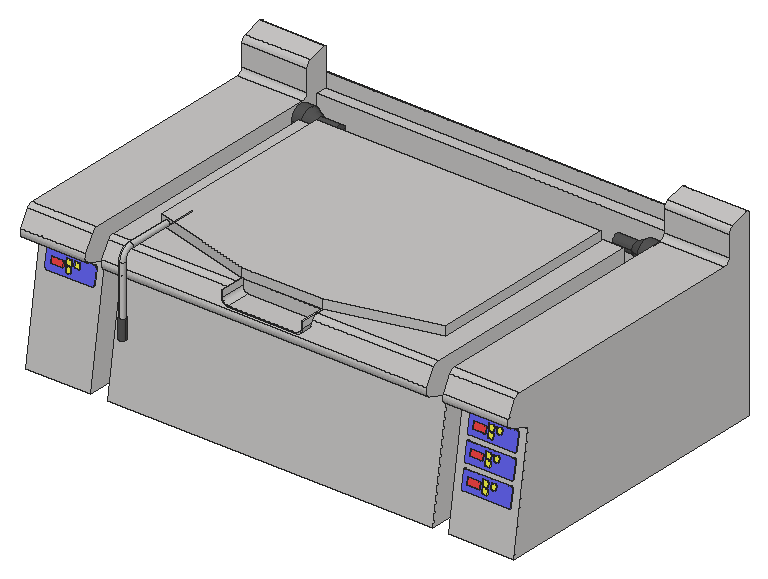
Revit family "QF_CAPIC_PILOTE_W296601", category Equipement spécialisé, Revit 2018
Family settings
  Cote de connecteur circulaire = Utiliser le diamètre
  Type d'élément = Normal
  Numéro OmniClass = 23.40.40.14
  Titre OmniClass = Food Service Equipment
  Basée sur le plan de construction = Non
  Toujours verticalement = Oui
  Couper avec des vides une fois chargée = Non
  Partagée = Non
  Point de calcul de pièce = Non
Parameters (values of type "1500 x 925 x 450 mm")
  URL catalogue = "http://www.capic-fr.com/fr/"
  Type de Raccord Plomberie [instance] = "Raccord 15/21"
  Type de Raccord Electrique [instance] = "Bornier interne"
  Type de Gaz = ""
  Type article [instance] = ""
  Tension = 400 V
  Spécification du Fabricant = ""
  Show Logo [instance] = yes
  Remarques evacuation [instance] = "Ecoulement dans caniveau"
  Remarques Plomberie [instance] = "Eau chaude + froide"
  Remarques Electricité [instance] = "400V TRI + N + T"
  Puissance électrique  = 15000 W
  Puissance Gaz kW = 0
  Profondeur hors tout = 925 mm
  Pression Maximum Eau Adoucie = 0.0 Pa
  Pos Bec = Longueur hors tout / 2  # 750 mm
  Poids net à vide = 280.00 kg
  Pieds (Option X296001) [instance] = no
  Phase = 3
  Modèle = "W296601"
  Longueur hors tout = 1500 mm
  Intensité nominale = 0 A
  Hauteur hors tout = 570 mm
  Hauteur de Raccordement du Sol Finis = 550 mm
  Hauteur de Raccordement Gaz du Sol Finis = 0 mm
  Hauteur de Raccordement Evacuation Directe du Sol Finis = 0 mm
  Hauteur de Raccordement Eau Froide du Sol Finis = 600 mm
  Hauteur de Raccordement Eau Chaude du Sol Finis = 600 mm
  Hauteur de Raccordement Eau Adoucie du Sol Finis = 0 mm
  Fréquence = 50 Hz
  Fabricant = "CAPIC"
  Débit d'air d'extraction = 1100.0 m³/h
  Débit Gaz = 0.0 L/s
  Débit Eau Froide = 0.0 L/s
  Débit Eau Chaude = 0.0 L/s
  Débit Eau Adoucie = 0.0 L/s
  Diamètre de Raccordement Gaz = 0 mm
  Diamètre de Raccordement Evacuation = 0 mm
  Diamètre de Raccordement Eau Froide = 15 mm
  Diamètre de Raccordement Eau Chaude = 15 mm
  Diamètre de Raccordement Eau Adoucie = 0 mm
  Description = "Sauteuse multifonction 50dm2"
  Assembly Code = ""
  Classification  Omniclass nombre et titre = "23.40.40.14"
Reference planes
  plane 1 "Centre (avant/arrière)": y = 0
  plane 2: z = 0
  plane 3 "Centre (gauche/droite)": x = 1000
  plane 4: x = 1200
  plane 5: x = 2300
  plane 6: x = 2500
  plane 7: x = 1000
  plane 8: x = 1250
  plane 9: x = 2250
  plane 10: x = 2187
  plane 11: x = 1313
  plane 12: x = 1874
  plane 13: x = 1626
  plane 14: x = 2476
  plane 15: x = 1024
  plane 16: y = -690
  plane 17: x = 1333.6
  plane 18: x = 1750
  plane 19: y = -80
  plane 20: y = -757
  plane 21: x = 1100
  plane 22: x = 2400
Forms (mm)
  Extrusion 1, solid, material "QF_Stainless Steel-Brushed"
    sketch origin (2000, 0, 0) x (0, 1, 0) y (0, 0, 1)
      loop
        line (0, 450) -> (0, 1013.429)
        arc (0, 1013.429) -> (-0.782, 1015.016) -> (-2.518, 1015.361) r 2
        line (-2.518, 1015.361) -> (-57.918, 1000.516)
        arc (-57.918, 1000.516) -> (-68.074, 993.73) -> (-72, 982.164) r 19
        line (-72, 982.164) -> (-72, 917)
        arc (-72, 917) -> (-76.979, 904.979) -> (-89, 900) r 17
        line (-89, 900) -> (-879.289, 900)
        arc (-879.289, 900) -> (-889.289, 897.321) -> (-896.61, 890) r 20
        line (-896.61, 890) -> (-922.551, 845.067)
        arc (-922.551, 845.067) -> (-924.025, 828.227) -> (-912.071, 816.274) r 20
        line (-912.071, 816.274) -> (-852.584, 794.622)
        arc (-852.584, 794.622) -> (-849.467, 792.029) -> (-848.71, 788.045) r 6
        line (-848.71, 788.045) -> (-902.251, 450) -> (0, 450)
    from -1000 to -800
  Extrusion 2, solid, material "QF_Stainless Steel-Brushed"
    sketch origin (3640.271, 0, 0) x (0, 1, 0) y (0, 0, 1)
      loop
        line (0, 450) -> (0, 1013.429)
        arc (0, 1013.429) -> (-0.782, 1015.016) -> (-2.518, 1015.361) r 2
        line (-2.518, 1015.361) -> (-57.918, 1000.516)
        arc (-57.918, 1000.516) -> (-68.074, 993.73) -> (-72, 982.164) r 19
        line (-72, 982.164) -> (-72, 917)
        arc (-72, 917) -> (-76.979, 904.979) -> (-89, 900) r 17
        line (-89, 900) -> (-879.289, 900)
        arc (-879.289, 900) -> (-889.289, 897.321) -> (-896.61, 890) r 20
        line (-896.61, 890) -> (-922.551, 845.067)
        arc (-922.551, 845.067) -> (-924.025, 828.227) -> (-912.071, 816.274) r 20
        line (-912.071, 816.274) -> (-852.584, 794.622)
        arc (-852.584, 794.622) -> (-849.467, 792.029) -> (-848.71, 788.045) r 6
        line (-848.71, 788.045) -> (-902.251, 450) -> (0, 450)
    from -1340.271 to -1140.271
  Extrusion 3, solid, material "QF_Stainless Steel-Brushed"
    sketch origin (2330, 0, 0) x (0, 1, 0) y (0, 0, 1)
      loop
        line (-167.8, 450) -> (-167.8, 900) -> (-879.289, 900)
        arc (-879.289, 900) -> (-889.289, 897.321) -> (-896.61, 890) r 20
        line (-896.61, 890) -> (-922.551, 845.067)
        arc (-922.551, 845.067) -> (-924.025, 828.227) -> (-912.071, 816.274) r 20
        line (-912.071, 816.274) -> (-852.584, 794.622)
        arc (-852.584, 794.622) -> (-849.467, 792.029) -> (-848.71, 788.045) r 6
        line (-848.71, 788.045) -> (-902.251, 450) -> (-167.8, 450)
    from -1080 to -80
  Extrusion 4, solid, material "QF_Stainless Steel-Brushed"
    sketch origin (2000, -494.162, -132.867) x (0, 1, 0) y (0, 0, 1)
      loop
        line (494.162, 1076.367) -> (492.662, 1076.367) -> (492.662, 1032.867) -> (455.662, 1032.867) -> (455.662, 849.104) -> (389.555, 764.49) -> (389.555, 582.867) -> (391.055, 582.867) -> (391.055, 763.974) -> (457.162, 848.587) -> (457.162, 1029.867) -> (494.162, 1029.867) -> (494.162, 1076.367)
    from -800 to 300
  Revolve 5, solid, material "QF_Plastic-Black"
    sketch origin (855.885, -1524, 865) x (-1, 0, 0) y (0, -1, 0)
      loop
        line (-344.115, -1459) -> (-344.115, -1424) -> (-468.115, -1424) -> (-468.115, -1442) -> (-407.115, -1442) -> (-377.115, -1459) -> (-344.115, -1459)
      axis (-344.115, -1424) -> (-468.115, -1424)
    angle from 0 to 360
  Revolve 6, solid, material "QF_Plastic-Black"
    sketch origin (3144.115, -1524, 865) x (1, 0, 0) y (0, 1, 0)
      loop
        line (-844.115, 1459) -> (-877.115, 1459) -> (-907.115, 1442) -> (-968.115, 1442) -> (-968.115, 1424) -> (-844.115, 1424) -> (-844.115, 1459)
      axis (-844.115, 1424) -> (-968.115, 1424)
    angle from 0 to 360
  Extrusion 7, solid, material "QF_Stainless Steel-Brushed"
    sketch origin (363.202, -132.622, 0) x (1, 0, 0) y (0, 1, 0)
      loop
        line (949.798, -43.378) -> (949.798, -639.378) -> (1262.798, -723.378) -> (1510.798, -723.378) -> (1823.798, -639.378) -> (1823.798, -43.378) -> (949.798, -43.378)
    from 900 to 928
  Extrusion 8, solid, material "QF_Stainless Steel-Brushed"
    sketch origin (2000, 0, 0) x (0, 1, 0) y (0, 0, 1)
      loop
        circle (-690, 670) r 45
    from -800 to -750
  Extrusion 9, solid, material "QF_Stainless Steel-Brushed"
    sketch origin (2000, 0, 0) x (0, 1, 0) y (0, 0, -1)
      loop
        circle (-690, -670) r 45
    from -300 to -250
  Sweep 10, solid, material "QF_Stainless Steel-Brushed"
    path origin (1333.6, 444.623, 4000) x (0, 1, 0) y (0, 0, 1)
      loop
        line (-1134.623, -3085) -> (-1364.623, -3085)
        arc (-1364.623, -3085) -> (-1385.836, -3093.787) -> (-1394.623, -3115) r 30
        line (-1394.623, -3115) -> (-1394.623, -3271.5)
    profile origin (1333.6, -805, 915) x (0, 0, -1) y (1, 0, 0)
      loop
        circle (0, 0) r 8
  Extrusion 11, solid, material "QF_Stainless Steel-Brushed"
    sketch origin (1703.331, 0, -242.806) x (1, 0, 0) y (0, 0, 1)
      loop
        line (-78.331, 1142.806) -> (-78.331, 1122.806)
        arc (-78.331, 1122.806) -> (-72.473, 1108.664) -> (-58.331, 1102.806) r 20
        line (-58.331, 1102.806) -> (151.669, 1102.806)
        arc (151.669, 1102.806) -> (165.811, 1108.664) -> (171.669, 1122.806) r 20
        line (171.669, 1122.806) -> (171.669, 1142.806) -> (168.669, 1142.806) -> (168.669, 1122.806)
        arc (168.669, 1122.806) -> (163.69, 1110.786) -> (151.669, 1105.806) r 17
        line (151.669, 1105.806) -> (-58.331, 1105.806)
        arc (-58.331, 1105.806) -> (-70.352, 1110.786) -> (-75.331, 1122.806) r 17
        line (-75.331, 1122.806) -> (-75.331, 1142.806) -> (-78.331, 1142.806)
    from 856 to 932
  Extrusion 12, void
    sketch origin (2000, 0, 0) x (1, 0, 0) y (0, 0, 1)
      loop
        line (-375, 900) -> (-375, 880)
        arc (-375, 880) -> (-369.142, 865.858) -> (-355, 860) r 20
        line (-355, 860) -> (-145, 860)
        arc (-145, 860) -> (-130.858, 865.858) -> (-125, 880) r 20
        line (-125, 880) -> (-125, 900) -> (-375, 900)
    from 856 to 932
  Extrusion 13, solid, material "QF_Plastic-Black"
    sketch origin (2000, 0, 0) x (1, 0, 0) y (0, 1, 0)
      loop
        circle (-666.4, -949.574) r 10
    from 670 to 728.5
  Revolve 14, solid, material "QF_Stainless Steel-Brushed", visible <- "Pieds (Option X296001)"
    sketch origin (1100, -1524, 1213.106) x (0, 0, 1) y (0, -1, 0)
      loop
        line (-763.106, -1488) -> (-763.106, -1444) -> (-1213.106, -1444) -> (-1213.106, -1484) -> (-1205.106, -1484) -> (-1188.792, -1452) -> (-1143.106, -1452) -> (-1143.106, -1488) -> (-763.106, -1488)
      axis (-1213.106, -1444) -> (-763.106, -1444)
    angle from 0 to 360
  Revolve 15, solid, material "QF_Stainless Steel-Brushed", visible <- "Pieds (Option X296001)"
    sketch origin (2400, -1524, 1373.181) x (0, 0, 1) y (0, -1, 0)
      loop
        line (-923.181, -1488) -> (-923.181, -1444) -> (-1373.181, -1444) -> (-1373.181, -1484) -> (-1365.181, -1484) -> (-1348.866, -1452) -> (-1303.181, -1452) -> (-1303.181, -1488) -> (-923.181, -1488)
      axis (-1373.181, -1444) -> (-923.181, -1444)
    angle from 0 to 360
  Revolve 16, solid, material "QF_Stainless Steel-Brushed", visible <- "Pieds (Option X296001)"
    sketch origin (1100, -2201, 1213.106) x (0, 0, 1) y (0, -1, 0)
      loop
        line (-763.106, -1488) -> (-763.106, -1444) -> (-1213.106, -1444) -> (-1213.106, -1484) -> (-1205.106, -1484) -> (-1188.792, -1452) -> (-1143.106, -1452) -> (-1143.106, -1488) -> (-763.106, -1488)
      axis (-1213.106, -1444) -> (-763.106, -1444)
    angle from 0 to 360
  Revolve 17, solid, material "QF_Stainless Steel-Brushed", visible <- "Pieds (Option X296001)"
    sketch origin (2400, -2201, 1373.181) x (0, 0, 1) y (0, -1, 0)
      loop
        line (-923.181, -1488) -> (-923.181, -1444) -> (-1373.181, -1444) -> (-1373.181, -1484) -> (-1365.181, -1484) -> (-1348.866, -1452) -> (-1303.181, -1452) -> (-1303.181, -1488) -> (-923.181, -1488)
      axis (-1373.181, -1444) -> (-923.181, -1444)
    angle from 0 to 360
Cuts and joins
  Extrusion 12 cuts Extrusion 3
Lines and regions (mm)
  symbolic lines, style "SpecialityEquipment"
    curve 1: line (1000, -58.953, 1085.565) -> (1000, -118.218, 1762.978)
    curve 2: line (1000, -86.846, 1083.125) -> (1000, -58.953, 1085.565)
    curve 3: line (1000, -146.112, 1760.537) -> (1000, -86.846, 1083.125)
    curve 4: line (1000, -118.218, 1762.978) -> (1000, -146.112, 1760.537)
    curve 5: line (1000, -303.472, 1838.118) -> (1000, -168.986, 1849.884)
    curve 6: line (1000, -302.078, 1822.179) -> (1000, -167.591, 1833.945)
    curve 7: line (1000, -139.139, 1761.148) -> (1000, -143.758, 1813.946)
    curve 8: line (1000, -123.199, 1762.542) -> (1000, -127.819, 1815.34)
    curve 9: arc (1000, -167.591, 1833.945) -> (1000, -151.533, 1828.881) -> (1000, -143.758, 1813.946) r 22
    curve 10: arc (1000, -168.986, 1849.884) -> (1000, -141.248, 1841.138) -> (1000, -127.819, 1815.34) r 38
    curve 13: line (0, -370.766, 1804.123) -> (0, -301.686, 1817.696)
    curve 15: line (1000, -303.472, 1838.118) -> (1000, -303.864, 1842.601)
    curve 16: line (1000, -301.686, 1817.696) -> (1000, -302.078, 1822.179)
  symbolic lines, style "SpecialityEquipmentHiddenLines"
    curve 11: arc (1000, -179.175, 1755.536) -> (1000, -670.405, 1488.997) -> (1000, -885.671, 973.235) r 840
    curve 12: line (0, -303.864, 1842.601) -> (0, -374.252, 1843.971)
    curve 14: arc (0, -374.252, 1843.971) -> (0, -392.433, 1822.304) -> (0, -370.766, 1804.123) r 20
Dimensions and locks
  locked: plane 5 to plane 6 at 200
  locked: plane 7 to plane 4 at 200
  "Longueur hors tout": plane 7 to plane 6
  locked: plane 4 to plane 8 at 50
  locked: plane 9 to plane 5 at 50
  locked: plane 8 to plane 11 at 63
  locked: plane 10 to plane 9 at 63
  locked: plane 13 to plane 12 at 248
  locked: plane 6 to plane 14 at 24
  locked: plane 7 to plane 15 at 24
  locked: plane 8 to plane 17 at 83.6
  "Pos Bec": plane 7 to plane 18
  equal spacing: plane 13, plane 18, plane 12
  locked: plane 19 to plane 1 "Centre (avant/arrière)" at 80
  locked: plane 20 to plane 19 at 677
  locked: plane 21 to plane 7 at 100
  locked: plane 6 to plane 22 at 100
  aligned and locked: level to plane 2
  aligned and locked: plane 4 to Extrusion 1
  aligned and locked: plane 6 to Extrusion 2
  aligned and locked: Extrusion 1 to plane 7
  aligned and locked: Extrusion 2 to plane 5
  aligned and locked: Extrusion 3 to plane 8
  aligned and locked: plane 9 to Extrusion 3
  aligned and locked: plane 5 to Extrusion 4
  aligned and locked: Extrusion 4 to plane 4
  aligned and locked: Extrusion 4 to Extrusion 7
  aligned and locked: plane 11 to Extrusion 7
  aligned and locked: plane 10 to Extrusion 7
  aligned and locked: plane 13 to Extrusion 7 sketch curve
  aligned and locked: plane 12 to Extrusion 7 sketch curve
  aligned and locked: Extrusion 8 to plane 4
  aligned and locked: Extrusion 8 to Extrusion 3
  aligned and locked: plane 5 to Extrusion 9
  aligned and locked: Extrusion 9 to plane 9
  aligned and locked: plane 17 to Extrusion 13 sketch curve
  aligned and locked: Extrusion 13 to Sweep 10
  aligned and locked: nested 1 to plane 15
  aligned and locked: nested 2 to plane 14
  aligned and locked: plane 19 to Revolve 14 sketch curve  (x2)
  aligned and locked: nested 3 to plane 14
  aligned and locked: nested 4 to plane 14
Automatic sketch dimensions
  curve 9 to curve 10 = 0 mm  (x2)
  curve 15 to plane 19 = 223.472 mm
  curve 5 to curve 16 = 1.394 mm
  curve 5 to plane 19 = 88.986 mm
  curve 10 to curve 6 = 1.394 mm
  curve 9 to curve 9 = 1.917 mm
  curve 9 to curve 3 = 19.562 mm
  curve 9 to curve 7 = 21.916 mm
  curve 7 to curve 8 = 15.939 mm
  curve 3 to curve 4 = 27.893 mm
  curve 2 to plane 19 = 6.846 mm
  plane 19 to curve 11 = 33 mm
  level to curve 11 = 926 mm
  curve 11 to curve 2 = 157.125 mm
  curve 2 to curve 2 = 2.44 mm
  curve 3 to curve 10 = 51.491 mm
  curve 9 to curve 7 = 1.917 mm
  curve 7 to curve 8 = 1.394 mm
  curve 6 to curve 9 = 11.766 mm
  curve 6 to curve 15 = 15.939 mm
  curve 15 to curve 5 = 0.392 mm
  curve 11 to plane 20 = 128.671 mm
  curve 6 to curve 16 = 0.392 mm
  curve 11 to curve 3 = 33.063 mm
  curve 11 to curve 2 = 109.89 mm
  curve 12 to plane 19 = 294.252 mm
  curve 12 to curve 14 = 1.743 mm
  curve 14 to curve 13 = 1.743 mm
  level to curve 13 = 1804.123 mm
  curve 13 to curve 14 = 19.924 mm
  curve 12 to curve 12 = 70.387 mm
  curve 12 to curve 13 = 2.179 mm
  curve 13 to curve 13 = 13.572 mm
  curve 13 to curve 12 = 24.905 mm
  Extrusion 1 sketch curve to Extrusion 1 sketch curve = 2 mm
  Extrusion 1 sketch curve to Extrusion 1 sketch curve = 0.518 mm
  plane 19 to Extrusion 1 sketch curve = 27 mm
  Extrusion 1 sketch curve to Extrusion 1 sketch curve = 4.918 mm
  plane 19 to Extrusion 1 sketch curve = 8 mm
  Extrusion 1 sketch curve to plane 19 = 9 mm
  Extrusion 1 sketch curve to plane 20 = 91.71 mm
  Extrusion 1 sketch curve to Extrusion 1 sketch curve = 3.874 mm
  Extrusion 1 sketch curve to Extrusion 1 sketch curve = 2.052 mm
  Extrusion 1 sketch curve to Extrusion 1 sketch curve = 26.705 mm
  Extrusion 1 sketch curve to Extrusion 1 sketch curve = 17.321 mm  (x2)
  Extrusion 1 sketch curve to plane 20 = 145.251 mm
  Extrusion 1 sketch curve to Extrusion 1 sketch curve = 25.942 mm
  Extrusion 1 sketch curve to Extrusion 1 sketch curve = 6.84 mm
  Extrusion 1 sketch curve to Extrusion 1 sketch curve = 338.045 mm
  Extrusion 1 sketch curve to Extrusion 1 sketch curve = 0.939 mm
  Extrusion 1 sketch curve to Extrusion 1 sketch curve = 21.652 mm
  Extrusion 1 sketch curve to Extrusion 1 sketch curve = 18.794 mm
  Extrusion 1 sketch curve to Extrusion 1 sketch curve = 44.933 mm
  Extrusion 1 sketch curve to Extrusion 1 sketch curve = 10 mm
  Extrusion 1 sketch curve to Extrusion 1 sketch curve = 65.164 mm
  Extrusion 1 sketch curve to Extrusion 1 sketch curve = 12.913 mm
  Extrusion 2 sketch curve to Extrusion 2 sketch curve = 2 mm
  Extrusion 2 sketch curve to Extrusion 2 sketch curve = 0.518 mm
  plane 19 to Extrusion 2 sketch curve = 27 mm
  Extrusion 2 sketch curve to Extrusion 2 sketch curve = 4.918 mm
  plane 19 to Extrusion 2 sketch curve = 8 mm
  Extrusion 2 sketch curve to plane 19 = 9 mm
  Extrusion 2 sketch curve to plane 20 = 91.71 mm
  Extrusion 2 sketch curve to Extrusion 2 sketch curve = 3.874 mm
  Extrusion 2 sketch curve to Extrusion 2 sketch curve = 2.052 mm
  Extrusion 2 sketch curve to Extrusion 2 sketch curve = 26.705 mm
  Extrusion 2 sketch curve to Extrusion 2 sketch curve = 17.321 mm  (x2)
  Extrusion 2 sketch curve to plane 20 = 145.251 mm
  Extrusion 2 sketch curve to Extrusion 2 sketch curve = 25.942 mm
  Extrusion 2 sketch curve to Extrusion 2 sketch curve = 6.84 mm
  Extrusion 2 sketch curve to Extrusion 2 sketch curve = 338.045 mm
  Extrusion 2 sketch curve to Extrusion 2 sketch curve = 0.939 mm
  Extrusion 2 sketch curve to Extrusion 2 sketch curve = 21.652 mm
  Extrusion 2 sketch curve to Extrusion 2 sketch curve = 18.794 mm
  Extrusion 2 sketch curve to Extrusion 2 sketch curve = 44.933 mm
  Extrusion 2 sketch curve to Extrusion 2 sketch curve = 10 mm
  Extrusion 2 sketch curve to Extrusion 2 sketch curve = 65.164 mm
  Extrusion 2 sketch curve to Extrusion 2 sketch curve = 12.913 mm
  Extrusion 3 sketch curve to plane 20 = 165.551 mm
  Extrusion 3 sketch curve to Extrusion 3 sketch curve = 10.48 mm
  Extrusion 3 sketch curve to Extrusion 3 sketch curve = 17.321 mm  (x2)
  Extrusion 3 sketch curve to plane 20 = 145.251 mm
  Extrusion 3 sketch curve to Extrusion 3 sketch curve = 25.942 mm
  Extrusion 3 sketch curve to Extrusion 3 sketch curve = 57.435 mm
  Extrusion 3 sketch curve to Extrusion 3 sketch curve = 2.052 mm
  Extrusion 3 sketch curve to Extrusion 3 sketch curve = 5.926 mm
  Extrusion 3 sketch curve to plane 19 = 87.8 mm
  level to Extrusion 3 sketch curve = 450 mm
  Extrusion 3 sketch curve to Extrusion 3 sketch curve = 338.045 mm
  Extrusion 3 sketch curve to Extrusion 3 sketch curve = 0.939 mm
  Extrusion 3 sketch curve to Extrusion 3 sketch curve = 21.652 mm
  Extrusion 3 sketch curve to Extrusion 3 sketch curve = 18.794 mm
  Extrusion 3 sketch curve to Extrusion 3 sketch curve = 44.933 mm
  Extrusion 3 sketch curve to Extrusion 3 sketch curve = 10 mm
  Extrusion 4 sketch curve to plane 1 "Centre (avant/arrière)" = 0 mm
  Extrusion 4 sketch curve to Extrusion 4 sketch curve = 1.5 mm  (x3)
  Extrusion 4 sketch curve to Extrusion 4 sketch curve = 35.5 mm
  Extrusion 4 sketch curve to plane 19 = 23.107 mm
  level to Extrusion 4 sketch curve = 450 mm
  Extrusion 4 sketch curve to Extrusion 4 sketch curve = 181.107 mm
  Extrusion 4 sketch curve to Extrusion 4 sketch curve = 0.516 mm  (x2)
  Extrusion 4 sketch curve to Extrusion 4 sketch curve = 84.613 mm
  Extrusion 4 sketch curve to Extrusion 4 sketch curve = 180.763 mm
  Extrusion 4 sketch curve to Extrusion 4 sketch curve = 3 mm
  Extrusion 4 sketch curve to Extrusion 4 sketch curve = 43.5 mm
  Revolve 5 sketch curve to plane 4 = 0 mm  (x2)
  Revolve 5 sketch curve to plane 8 = 17 mm
  Revolve 5 sketch curve to plane 19 = 2 mm
  plane 8 to Revolve 5 sketch curve = 13 mm
  Revolve 5 sketch curve to plane 17 = 9.6 mm
  plane 19 to Revolve 5 sketch curve = 15 mm
  Revolve 5 sketch curve to Revolve 5 sketch curve = 18 mm
  Revolve 5 sketch curve to Revolve 5 sketch curve = 0 mm  (x2)
  Revolve 6 sketch curve to plane 5 = 0 mm  (x2)
  plane 9 to Revolve 6 sketch curve = 17 mm
  Revolve 6 sketch curve to plane 19 = 2 mm
  Revolve 6 sketch curve to plane 9 = 13 mm
  plane 10 to Revolve 6 sketch curve = 11 mm
  Revolve 6 sketch curve to Revolve 6 sketch curve = 18 mm
  plane 19 to Revolve 6 sketch curve = 15 mm
  Revolve 6 sketch curve to Revolve 6 sketch curve = 0 mm  (x2)
  Extrusion 7 sketch curve to plane 11 = 0 mm
  Extrusion 7 sketch curve to plane 10 = 0 mm
  Extrusion 7 sketch curve to plane 20 = 99 mm
  Extrusion 7 sketch curve to plane 20 = 15 mm  (x2)
  Extrusion 7 sketch curve to plane 19 = 96 mm
  Extrusion 8 sketch curve to plane 16 = 0 mm
  level to Extrusion 8 sketch curve = 670 mm
  Extrusion 9 sketch curve to plane 16 = 0 mm
  level to Extrusion 9 sketch curve = 670 mm
  Sweep 10 sketch curve to plane 16 = 0 mm
  Sweep 10 sketch curve to plane 20 = 163 mm
  Sweep 10 sketch curve to Sweep 10 sketch curve = 30 mm
  level to Sweep 10 sketch curve = 885 mm
  Sweep 10 sketch curve to Sweep 10 sketch curve = 156.5 mm
  Sweep 10 sketch curve to plane 17 = 0 mm
  Sweep 10 sketch curve to profile plane = 0 mm
  Extrusion 11 sketch curve to Extrusion 11 sketch curve = 0 mm  (x4)
  plane 13 to Extrusion 11 sketch curve = 1 mm
  Extrusion 11 sketch curve to plane 13 = 2 mm
  Extrusion 11 sketch curve to Extrusion 11 sketch curve = 17 mm
  plane 12 to Extrusion 11 sketch curve = 19 mm
  plane 12 to Extrusion 11 sketch curve = 2 mm
  level to Extrusion 11 sketch curve = 860 mm
  Extrusion 11 sketch curve to Extrusion 11 sketch curve = 20 mm  (x2)
  plane 13 to Extrusion 12 sketch curve = 1 mm
  Extrusion 12 sketch curve to plane 13 = 19 mm
  plane 12 to Extrusion 12 sketch curve = 19 mm
  Extrusion 12 sketch curve to plane 12 = 1 mm
  level to Extrusion 12 sketch curve = 860 mm
  Extrusion 12 sketch curve to Extrusion 12 sketch curve = 20 mm
  Extrusion 13 sketch curve to plane 20 = 192.574 mm
  Revolve 14 sketch curve to level = 0 mm
  level to Revolve 14 sketch curve = 8 mm
  plane 19 to Revolve 14 sketch curve = 8 mm
  level to Revolve 14 sketch curve = 24.315 mm
  Revolve 14 sketch curve to Revolve 14 sketch curve = 45.685 mm
  plane 1 "Centre (avant/arrière)" to Revolve 14 sketch curve = 36 mm
  Revolve 14 sketch curve to Revolve 14 sketch curve = 380 mm
  Revolve 14 sketch curve to Revolve 14 sketch curve = 40 mm
  Revolve 14 sketch curve to Revolve 14 sketch curve = 20 mm
  Revolve 14 sketch curve to Revolve 14 sketch curve = 120 mm
  Revolve 15 sketch curve to level = 0 mm
  Revolve 15 sketch curve to plane 19 = 0 mm  (x2)
  level to Revolve 15 sketch curve = 8 mm
  plane 19 to Revolve 15 sketch curve = 8 mm
  level to Revolve 15 sketch curve = 24.315 mm
  Revolve 15 sketch curve to Revolve 15 sketch curve = 45.685 mm
  plane 1 "Centre (avant/arrière)" to Revolve 15 sketch curve = 36 mm
  Revolve 15 sketch curve to Revolve 15 sketch curve = 380 mm
  Revolve 15 sketch curve to Revolve 15 sketch curve = 40 mm
  Revolve 15 sketch curve to Revolve 15 sketch curve = 20 mm
  Revolve 15 sketch curve to Revolve 15 sketch curve = 120 mm
  Revolve 16 sketch curve to level = 0 mm
  Revolve 16 sketch curve to plane 20 = 0 mm  (x2)
  Revolve 16 sketch curve to Revolve 16 sketch curve = 8 mm
  plane 20 to Revolve 16 sketch curve = 8 mm
  level to Revolve 16 sketch curve = 24.315 mm
  Revolve 16 sketch curve to Revolve 16 sketch curve = 45.685 mm
  Revolve 16 sketch curve to plane 16 = 23 mm
  Revolve 16 sketch curve to Revolve 16 sketch curve = 380 mm
  Revolve 16 sketch curve to plane 16 = 27 mm
  Revolve 16 sketch curve to Revolve 16 sketch curve = 20 mm
  Revolve 16 sketch curve to Revolve 16 sketch curve = 120 mm
  Revolve 17 sketch curve to level = 0 mm
  Revolve 17 sketch curve to plane 20 = 0 mm  (x2)
  level to Revolve 17 sketch curve = 8 mm
  plane 20 to Revolve 17 sketch curve = 8 mm
  level to Revolve 17 sketch curve = 24.315 mm
  Revolve 17 sketch curve to Revolve 17 sketch curve = 45.685 mm
  Revolve 17 sketch curve to plane 16 = 23 mm
  Revolve 17 sketch curve to Revolve 17 sketch curve = 380 mm
  Revolve 17 sketch curve to plane 16 = 27 mm
  Revolve 17 sketch curve to Revolve 17 sketch curve = 20 mm
  Revolve 17 sketch curve to Revolve 17 sketch curve = 120 mm
  plane 1 "Centre (avant/arrière)" to Extrusion 1 sketch curve = 0 mm
  level to Extrusion 1 sketch curve = 450 mm
  plane 1 "Centre (avant/arrière)" to Extrusion 2 sketch curve = 0 mm
  level to Extrusion 2 sketch curve = 450 mm
  radius of Extrusion 8 sketch curve = 45 mm
  radius of Extrusion 9 sketch curve = 45 mm
  radius of Sweep 10 sketch curve = 8 mm
  radius of Extrusion 13 sketch curve = 10 mm
Nested families
  nested 1: "QF_Details_CarteCde" at (1024, 1.452, 0), type "QF_Details_CarteCde"
  nested 2: "QF_Details_CarteCde" at (2324, 1.452, 0), type "QF_Details_CarteCde"
  nested 3: "QF_Details_CarteCde" at (2324, -10, -71.736), type "QF_Details_CarteCde"
  nested 4: "QF_Details_CarteCde" at (2324, -21.381, -144.163), type "QF_Details_CarteCde"
Definition of nested family "QF_Details_CarteCde"
  Reference planes
    plane 1 "Centre (avant/arrière)": y = 0
    plane 2: z = 0
    plane 3 "Centre (gauche/droite)": x = 0
  Forms (mm)
    Extrusion 1, solid
      sketch origin (0, -975.563, -3.706) x (1, 0, 0) y (0, 0.156434, 0.987688)
        loop
          arc (7, 787.388) -> (2.05, 785.338) -> (0, 780.388) r 7
          line (0, 780.388) -> (0, 735.388)
          arc (0, 735.388) -> (2.05, 730.439) -> (7, 728.388) r 7
          line (7, 728.388) -> (145, 728.388)
          arc (145, 728.388) -> (149.95, 730.439) -> (152, 735.388) r 7
          line (152, 735.388) -> (152, 780.388)
          arc (152, 780.388) -> (149.95, 785.338) -> (145, 787.388) r 7
          line (145, 787.388) -> (7, 787.388)
        loop
          line (15, 767.388) -> (15, 748.388) -> (54, 748.388) -> (54, 767.388) -> (15, 767.388)
        loop
          line (74, 776.917) -> (61, 776.917) -> (61, 763.917)
          arc (61, 763.917) -> (62.172, 761.089) -> (65, 759.917) r 4
          line (65, 759.917) -> (78, 759.917) -> (78, 772.917)
          arc (78, 772.917) -> (76.828, 775.745) -> (74, 776.917) r 4
        loop
          line (99, 776.917) -> (86, 776.917) -> (86, 763.917)
          arc (86, 763.917) -> (87.172, 761.089) -> (90, 759.917) r 4
          line (90, 759.917) -> (103, 759.917) -> (103, 772.917)
          arc (103, 772.917) -> (101.828, 775.745) -> (99, 776.917) r 4
        loop
          line (74, 756.917) -> (61, 756.917) -> (61, 743.917)
          arc (61, 743.917) -> (62.172, 741.089) -> (65, 739.917) r 4
          line (65, 739.917) -> (78, 739.917) -> (78, 752.917)
          arc (78, 752.917) -> (76.828, 755.745) -> (74, 756.917) r 4
      from 0 to 0.5
    Extrusion 2, solid
      sketch origin (0, -973.53, 9.132) x (1, 0, 0) y (0, 0.156434, 0.987688)
        loop
          line (15, 754.391) -> (15, 735.391) -> (54, 735.391) -> (54, 754.391) -> (15, 754.391)
      from 0 to 0.5
    Extrusion 3, solid
      sketch origin (0, -973.53, 9.132) x (1, 0, 0) y (0, 0.156434, 0.987688)
        loop
          line (61, 763.919) -> (61, 750.919)
          arc (61, 750.919) -> (62.172, 748.091) -> (65, 746.919) r 4
          line (65, 746.919) -> (78, 746.919) -> (78, 759.919)
          arc (78, 759.919) -> (76.828, 762.748) -> (74, 763.919) r 4
          line (74, 763.919) -> (61, 763.919)
      from 0 to 0.5
    Extrusion 4, solid
      sketch origin (0, -976.658, -10.622) x (1, 0, 0) y (0, 0.156434, 0.987688)
        loop
          line (61, 763.919) -> (61, 750.919)
          arc (61, 750.919) -> (62.172, 748.091) -> (65, 746.919) r 4
          line (65, 746.919) -> (78, 746.919) -> (78, 759.919)
          arc (78, 759.919) -> (76.828, 762.748) -> (74, 763.919) r 4
          line (74, 763.919) -> (61, 763.919)
      from 0 to 0.5
    Extrusion 5, solid
      sketch origin (25, -973.53, 9.132) x (1, 0, 0) y (0, 0.156434, 0.987688)
        loop
          line (61, 763.919) -> (61, 750.919)
          arc (61, 750.919) -> (62.172, 748.091) -> (65, 746.919) r 4
          line (65, 746.919) -> (78, 746.919) -> (78, 759.919)
          arc (78, 759.919) -> (76.828, 762.748) -> (74, 763.919) r 4
          line (74, 763.919) -> (61, 763.919)
      from 0 to 0.5
  Dimensions and locks
    aligned and locked: level to plane 2
